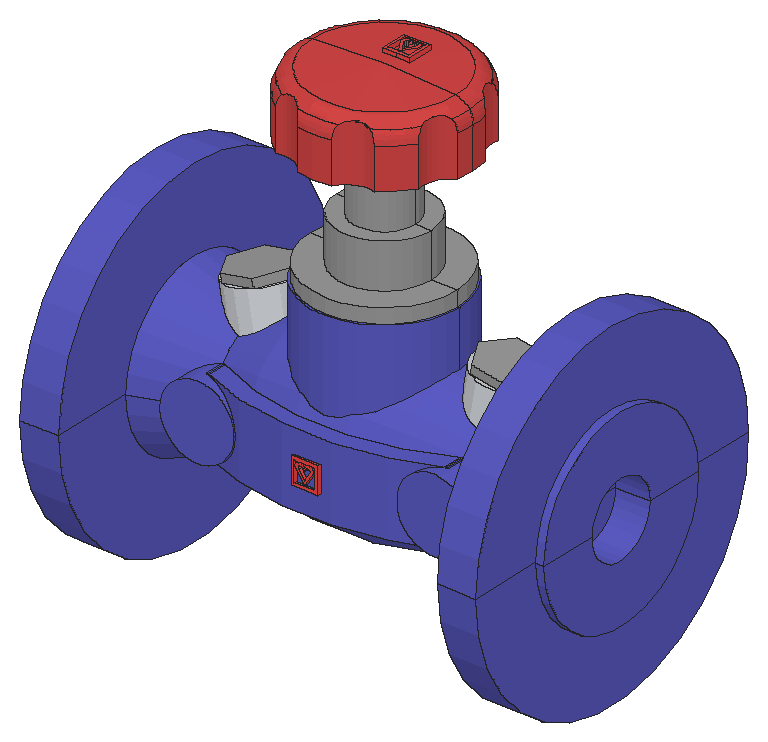
Revit family "Absperrventil 4218 AGF", category Rohrzubehör, Revit 2018
Family settings
  Bemaßung runder Anschluss = Durchmesser verwenden
  Teiletyp = Unterbricht
  Arbeitsebenenbasiert = Nein
  Immer vertikal = Ja
  Beim Laden mit Abzugskörper schneiden = Nein
  Gemeinsam genutzt = Nein
Parameters
  w = 10.00°
  PN = 16  # constant formula
  Max. Betriebstemperatur bis DN 32 = 130 °C  # constant formula
  Max. Betriebstemperatur ab DN 40 = 110 °C  # constant formula
  Max. Betriebsdruck = 1600000.0 Pa  # constant formula
  m2 [instance] = size_lookup("4218_AGF", "m2", 22.00 mm, Nennweite)  # 11.00 mm
  m1 [instance] = 27.59 mm
  d1 [instance] = size_lookup("4218_AGF", "d1", 25.00 mm, Nennweite)  # 25.00 mm
  Ventiloberteil = "Messing"  # constant formula
  Ventilgehäuse = "Grauguss GJL 250 nach EN 1561"  # constant formula
  URL = "www.herz-armaturen.at"
  Schrauben [instance] = if(Nennweite = 15.00 mm, "4x M12x50", if(Nennweite = 20.00 mm, "4x M12x55", if(Nennweite = 25.00 mm, "4x M12x55", if(Nennweite = 32.00 mm, "4x M16x60", if(Nennweite = 40.00 mm, "4x M16x60", if(Nennweite = 50.00 mm, "4x M16x60", if(Nennweite = 65.00 mm, "4x M16x60", if(Nennweite = 80.00 mm, "8x M16x65", if(Nennweite = 100.00 mm, "8x M16x65", if(Nennweite = 125.00 mm, "8x M16x70", if(Nennweite = 150.00 mm, "8x M20x70", if(Nennweite = 200.00 mm, "12x M20x75", if(Nennweite = 250.00 mm, "12x M24x85", if(Nennweite = 300.00 mm, "12x M24x85", if(Nennweite = 350.00 mm, "16x M24x90", "16x M27x100")))))))))))))))  # "4x M12x55"
  SCRNSEQ = "ARM;ARM_TYP=\"ABSV\";2"
  SCRNCODE = "05;11;2"  # constant formula
  R05 [instance] = size_lookup("4218_AGF", "R05", 45.00 mm, Nennweite)  # 45.00 mm
  R04 [instance] = size_lookup("4218_AGF", "R04", 25.50 mm, Nennweite)  # 25.50 mm
  R03 [instance] = size_lookup("4218_AGF", "R03", 30.00 mm, Nennweite)  # 30.00 mm
  R02 [instance] = size_lookup("4218_AGF", "R02", 21.15 mm, Nennweite)  # 21.15 mm
  R01 [instance] = size_lookup("4218_AGF", "R01", 29.50 mm, Nennweite)  # 29.50 mm
  O-Ringe = "EPDM"  # constant formula
  Nennweite [instance] = 25.00 mm
  Medium = "Heizwasserqualität entsprechend ÖNORM H 5195 bzw. VDI Richtlinie 2035. Ethylen und Propylenglykol\r\nkönnen in einem Verhältnis von 25-50 vol. [%] gemischt werden."
  Lk [instance] = size_lookup("4218_AGF", "Lk", 32.50 mm, Nennweite)  # 32.50 mm
  L05 [instance] = 34.164 mm
  L04 [instance] = size_lookup("4218_AGF", "L04", 40.00 mm, Nennweite)  # 40.00 mm
  L03 [instance] = size_lookup("4218_AGF", "L03", 42.00 mm, Nennweite)  # 42.00 mm
  L02 [instance] = size_lookup("4218_AGF", "L02", 3.00 mm, Nennweite)  # 3.00 mm
  L01 [instance] = size_lookup("4218_AGF", "L01", 13.00 mm, Nennweite)  # 13.00 mm
  L [instance] = size_lookup("4218_AGF", "L", 160.00 mm, Nennweite)  # 160.00 mm
  Hinweise zum Material = "Gemäß Art 33 der REACH-Verordnung (EG Nr. 1907/2006) sind wir verpflichtet, darauf hinzuweisen, dass der\r\nStoff Blei auf der SVHC-Liste geführt wird und dass alle aus Messing bestehenden Bauteile, die in unseren\r\nErzeugnissen verarbeitet sind, mehr als 0,1 % (w/w) Blei (CAS: 7439-92-1 / EINECS: 231-100-4) enthalten. Da Blei\r\nals Legierungsbestandteil fest gebunden ist, sind keine Expositionen zu erwarten und daher sind keine zusätzlichen\r\nAngaben zur sicheren Verwendung notwendig.\r\n\r\nGrundanstrich basierent auf Alkydharze (Kunstharzgrundierung) und enthält blei- und chromatfreie Rost- schutzpigmente. Deckbeschichtung mit Epoxidharz. Lösungsmittelgehalt ist geringer als in der VOCAnlagen-Verordnung 2002 zulässig.\r\nGlanzgrad: matt\r\nSchichtstärke trocken (TSD) : ~ 100 μm"
  Hersteller = "HERZ-Armaturen Ges.m.b.H"  # constant formula
  Dfl [instance] = size_lookup("4218_AGF", "Dfl", 57.50 mm, Nennweite)  # 57.50 mm
  DN80 [instance] = Nennweite = 80.00 mm  # no
  DN65-80 [instance] = or(Nennweite = 65.00 mm, Nennweite = 80.00 mm)  # no
  DN65 [instance] = Nennweite = 65.00 mm  # no
  DN50-80 [instance] = or(Nennweite = 50.00 mm, Nennweite = 65.00 mm, Nennweite = 80.00 mm)  # no
  DN50 [instance] = Nennweite = 50.00 mm  # no
  DN40 [instance] = Nennweite = 40.00 mm  # no
  DN32 [instance] = Nennweite = 32.00 mm  # no
  DN32-40 [instance] = or(Nennweite = 32.00 mm, Nennweite = 40.00 mm)  # no
  DN25-40 [instance] = or(Nennweite = 25.00 mm, Nennweite = 32.00 mm, Nennweite = 40.00 mm)  # yes
  DN25 [instance] = Nennweite = 25.00 mm  # yes
  D [instance] = size_lookup("4218_AGF", "D", 12.50 mm, Nennweite)  # 12.50 mm
  Bestellnummer [instance] = size_lookup("4218_AGF", "Artnr", 0, Nennweite)  # 1421853
  B [instance] = size_lookup("4218_AGF", "B", 58.00 mm, Nennweite)  # 58.00 mm
  Anwendungsgebiet = "Zum Absperren von Verteilleitungen in Heiz- oder Kühlanlagen, Strängen, Wärmetauschern, Heiz- und\r\nKühlregistern."
Reference planes
  plane 1 "Mitte (Vorne/hinten)": y = 0
  plane 2: z = 0
  plane 3 "Mitte (Links/rechts)": x = 0
Forms (mm)
  Revolve 1, solid, material "Herz-Marineblau", detail levels fine
    sketch origin (1065, 0, 0) x (1, 0, 0) y (0, 1, 0)
      loop
        line (-1142, 57.5) -> (-1142, 32.5) -> (-1145, 32.5) -> (-1145, 12.5) -> (-1135, 12.5) -> (-1135, 0) -> (-997, 0) -> (-997, 12.5) -> (-985, 12.5) -> (-985, 32.5) -> (-988, 32.5) -> (-988, 57.5) -> (-1001, 57.5) -> (-1001, 29.5) -> (-1024.25, 21.15)
        arc (-1024.25, 21.15) -> (-1065, 30) -> (-1105.75, 21.15) r 98.242
        line (-1105.75, 21.15) -> (-1129, 29.5) -> (-1129, 57.5) -> (-1142, 57.5)
      axis (-985, 0) -> (-1145, 0)
    angle from 0 to 360
  Extrusion 2, solid, material "Herz-Marineblau", visible <- "DN25", detail levels fine
    sketch origin (0, 0, 0) x (1, 0, 0) y (0, 1, 0)
      loop
        arc (-40.75, -24.228) -> (0.085, -32.958) -> (40.917, -24.217) r 99.801
        line (40.917, -24.217) -> (40.917, 24.217)
        arc (40.917, 24.217) -> (0.085, 32.958) -> (-40.75, 24.228) r 99.801
        line (-40.75, 24.228) -> (-40.75, -24.228)
    from -12.5 to 12.5
  Extrusion 3, solid, material "Herz-Marineblau"
    sketch origin (0, 0, 0) x (1, 0, 0) y (0, 0, 1)
      loop
        circle (-40, 0) r 12.5
      loop
        circle (40, 0) r 12.5
    from -29 to 29
  Revolve 4, solid, visible <- "DN25"
    sketch origin (0, 0, 0) x (1, 0, 0) y (0, 0, 1)
      loop
        line (-42.018, 32) -> (-37.406, 5.845) -> (-26.573, 7.755) -> (-31.185, 33.91) -> (-42.018, 32)
      axis (-42.018, 32) -> (-37.406, 5.845)
    angle from 0 to 360
  Revolve 5, solid, visible <- "DN25"
    sketch origin (0, 0, 0) x (-1, 0, 0) y (0, 0, 1)
      loop
        line (-42.018, 32) -> (-37.406, 5.845) -> (-26.573, 7.755) -> (-31.185, 33.91) -> (-42.018, 32)
      axis (-42.018, 32) -> (-37.406, 5.845)
    angle from 0 to 360
  Revolve 6, solid, visible <- "DN32"
    sketch origin (-6, 0, 0) x (1, 0, 0) y (0, 0, 1)
      loop
        line (-42.018, 32) -> (-37.406, 5.845) -> (-26.573, 7.755) -> (-31.185, 33.91) -> (-42.018, 32)
      axis (-42.018, 32) -> (-37.406, 5.845)
    angle from 0 to 360
  Revolve 7, solid, visible <- "DN32"
    sketch origin (6, 0, 0) x (-1, 0, 0) y (0, 0, 1)
      loop
        line (-42.018, 32) -> (-37.406, 5.845) -> (-26.573, 7.755) -> (-31.185, 33.91) -> (-42.018, 32)
      axis (-42.018, 32) -> (-37.406, 5.845)
    angle from 0 to 360
  Revolve 8, solid, visible <- "DN40"
    sketch origin (-10, 0, 6) x (1, 0, 0) y (0, 0, 1)
      loop
        line (-42.018, 32) -> (-37.406, 5.845) -> (-26.573, 7.755) -> (-31.185, 33.91) -> (-42.018, 32)
      axis (-42.018, 32) -> (-37.406, 5.845)
    angle from 0 to 360
  Revolve 9, solid, visible <- "DN40"
    sketch origin (10, 0, 6) x (-1, 0, 0) y (0, 0, 1)
      loop
        line (-42.018, 32) -> (-37.406, 5.845) -> (-26.573, 7.755) -> (-31.185, 33.91) -> (-42.018, 32)
      axis (-42.018, 32) -> (-37.406, 5.845)
    angle from 0 to 360
  Revolve 10, solid, visible <- "DN50"
    sketch origin (-23, 0, 16) x (1, 0, 0) y (0, 0, 1)
      loop
        line (-42.018, 32) -> (-37.406, 5.845) -> (-26.573, 7.755) -> (-31.185, 33.91) -> (-42.018, 32)
      axis (-42.018, 32) -> (-37.406, 5.845)
    angle from 0 to 360
  Revolve 11, solid, visible <- "DN50"
    sketch origin (23, 0, 16) x (-1, 0, 0) y (0, 0, 1)
      loop
        line (-42.018, 32) -> (-37.406, 5.845) -> (-26.573, 7.755) -> (-31.185, 33.91) -> (-42.018, 32)
      axis (-42.018, 32) -> (-37.406, 5.845)
    angle from 0 to 360
  Revolve 12, solid, visible <- "DN65"
    sketch origin (-35, 0, 28) x (1, 0, 0) y (0, 0, 1)
      loop
        line (-42.018, 32) -> (-34.219, -12.231) -> (-18.954, -9.539) -> (-26.753, 34.692) -> (-42.018, 32)
      axis (-42.018, 32) -> (-34.219, -12.231)
    angle from 0 to 360
  Revolve 13, solid, visible <- "DN65"
    sketch origin (35, 0, 28) x (-1, 0, 0) y (0, 0, 1)
      loop
        line (-42.018, 32) -> (-34.219, -12.231) -> (-18.954, -9.539) -> (-26.753, 34.692) -> (-42.018, 32)
      axis (-42.018, 32) -> (-34.219, -12.231)
    angle from 0 to 360
  Revolve 14, solid, visible <- "DN80"
    sketch origin (-43, 0, 33) x (1, 0, 0) y (0, 0, 1)
      loop
        line (-42.018, 32) -> (-34.219, -12.231) -> (-18.954, -9.539) -> (-26.753, 34.692) -> (-42.018, 32)
      axis (-42.018, 32) -> (-34.219, -12.231)
    angle from 0 to 360
  Revolve 15, solid, visible <- "DN80"
    sketch origin (43, 0, 33) x (-1, 0, 0) y (0, 0, 1)
      loop
        line (-42.018, 32) -> (-34.219, -12.231) -> (-18.954, -9.539) -> (-26.753, 34.692) -> (-42.018, 32)
      axis (-42.018, 32) -> (-34.219, -12.231)
    angle from 0 to 360
  Revolve 16, solid, material "Herz-Marineblau"
    sketch origin (0, 0, 0) x (1, 0, 0) y (0, 0, 1)
      loop
        line (-0.018, 0) -> (25.5, 0) -> (25.5, 45) -> (-0.018, 45) -> (-0.018, 0)
      axis (-0.018, 45) -> (-0.018, 0)
    angle from 0 to 360
  Extrusion 17, solid, material "Herz-Marineblau", visible <- "DN32", detail levels fine
    sketch origin (0, 5, 0) x (1, 0, 0) y (0, 1, 0)
      loop
        arc (-50, -30.504) -> (0, -44.033) -> (50, -30.504) r 99.158
        line (50, -30.504) -> (50, 20.504)
        arc (50, 20.504) -> (0, 34.033) -> (-50, 20.504) r 99.158
        line (-50, 20.504) -> (-50, -30.504)
    from -12.5 to 12.5
  Extrusion 18, solid, material "Herz-Marineblau", visible <- "DN40", detail levels fine
    sketch origin (0, 7.139, 0) x (1, 0, 0) y (0, 1, 0)
      loop
        arc (-58.75, -37.243) -> (-0.086, -48.157) -> (58.607, -37.396) r 164.275
        line (58.607, -37.396) -> (58.607, 23.118)
        arc (58.607, 23.118) -> (-0.086, 33.878) -> (-58.75, 22.964) r 164.275
        line (-58.75, 22.964) -> (-58.75, -37.243)
    from -12.5 to 12.5
  Extrusion 19, solid, material "Herz-Marineblau", visible <- "DN50", detail levels fine
    sketch origin (0, 12.139, 0) x (1, 0, 0) y (0, 1, 0)
      loop
        arc (-70, -51.365) -> (-0.006, -58.136) -> (70, -51.487) r 368.507
        line (70, -51.487) -> (70, 27.208)
        arc (70, 27.208) -> (-0.006, 33.857) -> (-70, 27.086) r 368.507
        line (-70, 27.086) -> (-70, -51.365)
    from -12.5 to 12.5
  Extrusion 20, solid, material "Herz-Marineblau", visible <- "DN65", detail levels fine
    sketch origin (0, 17.139, 0) x (1, 0, 0) y (0, 1, 0)
      loop
        line (-89.879, 31.045) -> (-89.879, -65.324)
        arc (-89.879, -65.324) -> (0.112, -71.41) -> (90.111, -65.45) r 675.309
        line (90.111, -65.45) -> (90.111, 31.171)
        arc (90.111, 31.171) -> (0.112, 37.132) -> (-89.879, 31.045) r 675.309
    from -12.5 to 12.5
  Extrusion 21, solid, material "Herz-Marineblau", visible <- "DN80", detail levels fine
    sketch origin (0, 23.908, 0) x (1, 0, 0) y (0, 1, 0)
      loop
        line (-95.924, 29.668) -> (-95.924, -77.484)
        arc (-95.924, -77.484) -> (1.171, -81.507) -> (98.253, -77.179) r 1130.914
        line (98.253, -77.179) -> (98.253, 29.363)
        arc (98.253, 29.363) -> (1.171, 33.69) -> (-95.924, 29.668) r 1130.914
    from -12.5 to 12.5
  Revolve 22, solid, material "Messing, weicher Gelbton, geschweißt", visible <- "DN25"
    sketch origin (0, 0, 0) x (1, 0, 0) y (0, 0, 1)
      loop
        line (-15.927, 65) -> (-15.927, 50) -> (-24.821, 50) -> (-24.821, 45) -> (-0.018, 45) -> (-0.018, 87.982) -> (-7.018, 87.982) -> (-10.561, 84.439) -> (-10.561, 65) -> (-15.927, 65)
      axis (-0.018, 87.982) -> (-0.018, 45)
    angle from 0 to 360
  Revolve 23, solid, material "Messing, weicher Gelbton, geschweißt", visible <- "DN32-40"
    sketch origin (0, 0, 5) x (1, 0, 0) y (0, 0, 1)
      loop
        line (-15.927, 65) -> (-15.927, 50) -> (-24.821, 50) -> (-24.821, 45) -> (-0.018, 45) -> (-0.018, 82.982) -> (-7.018, 82.982) -> (-10.561, 79.439) -> (-10.561, 65) -> (-15.927, 65)
      axis (-0.018, 82.982) -> (-0.018, 45)
    angle from 0 to 360
  Revolve 24, solid, material "Messing, weicher Gelbton, geschweißt", visible <- "DN50"
    sketch origin (0, 0, 0) x (1, 0, 0) y (0, 0, 1)
      loop
        line (-30.605, 80.5) -> (-30.605, 65.5) -> (-39.5, 65.5) -> (-39.5, 60.5) -> (0, 60.5) -> (0, 103) -> (-17.179, 103) -> (-25.239, 94.939) -> (-25.239, 80.5) -> (-30.605, 80.5)
      axis (0, 103) -> (0, 60.5)
    angle from 0 to 360
  Revolve 25, solid, material "Messing, weicher Gelbton, geschweißt", visible <- "DN65-80"
    sketch origin (0, 0, 7.5) x (1, 0, 0) y (0, 0, 1)
      loop
        line (-30.605, 80.5) -> (-30.605, 65.5) -> (-39.5, 65.5) -> (-39.5, 60.5) -> (0, 60.5) -> (0, 95.5) -> (-17.179, 95.5) -> (-25.239, 87.439) -> (-25.239, 80.5) -> (-30.605, 80.5)
      axis (0, 95.5) -> (0, 60.5)
    angle from 0 to 360
  Extrusion 26, solid, material "Messing, weicher Gelbton, geschweißt", visible <- "DN25"
    sketch origin (0.537, 0, 6.073) x (0.984808, 0, 0.173648) y (0, 1, 0)
      loop
        line (-26.573, 0) -> (-31.989, 9.382) -> (-42.822, 9.382) -> (-48.239, 0) -> (-42.822, -9.382) -> (-31.989, -9.382) -> (-26.573, 0)
    from 32.922 to 35.92
  Extrusion 27, solid, material "Messing, weicher Gelbton, geschweißt", visible <- "DN40"
    sketch origin (-9.463, 0, 12.073) x (0.984808, 0, 0.173648) y (0, 1, 0)
      loop
        line (-26.573, 0) -> (-31.989, 9.382) -> (-42.822, 9.382) -> (-48.239, 0) -> (-42.822, -9.382) -> (-31.989, -9.382) -> (-26.573, 0)
    from 32.922 to 35.92
  Extrusion 28, solid, material "Messing, weicher Gelbton, geschweißt", visible <- "DN50"
    sketch origin (-22.463, 0, 22.073) x (0.984808, 0, 0.173648) y (0, 1, 0)
      loop
        line (-26.573, 0) -> (-31.989, 9.382) -> (-42.822, 9.382) -> (-48.239, 0) -> (-42.822, -9.382) -> (-31.989, -9.382) -> (-26.573, 0)
    from 32.922 to 35.92
  Extrusion 29, solid, material "Messing, weicher Gelbton, geschweißt", visible <- "DN80"
    sketch origin (-40.926, 0, 36.434) x (0.984808, 0, 0.173648) y (0, 1, 0)
      loop
        line (-24.656, 0) -> (-31.558, 11.956) -> (-45.364, 11.956) -> (-52.266, 0) -> (-45.364, -11.956) -> (-31.558, -11.956) -> (-24.656, 0)
    from 35.788 to 38.79
  Extrusion 30, solid, material "Messing, weicher Gelbton, geschweißt", visible <- "DN32"
    sketch origin (-5.463, 0, 6.073) x (0.984808, 0, 0.173648) y (0, 1, 0)
      loop
        line (-26.573, 0) -> (-31.989, 9.382) -> (-42.822, 9.382) -> (-48.239, 0) -> (-42.822, -9.382) -> (-31.989, -9.382) -> (-26.573, 0)
    from 32.922 to 35.92
  Extrusion 31, solid, material "Messing, weicher Gelbton, geschweißt", visible <- "DN25"
    sketch origin (-0.537, 0, 6.073) x (-0.984808, 0, 0.173648) y (0, -1, 0)
      loop
        line (-26.573, 0) -> (-31.989, 9.382) -> (-42.822, 9.382) -> (-48.239, 0) -> (-42.822, -9.382) -> (-31.989, -9.382) -> (-26.573, 0)
    from 32.922 to 35.92
  Extrusion 32, solid, material "Messing, weicher Gelbton, geschweißt", visible <- "DN40"
    sketch origin (9.463, 0, 12.073) x (-0.984808, 0, 0.173648) y (0, -1, 0)
      loop
        line (-26.573, 0) -> (-31.989, 9.382) -> (-42.822, 9.382) -> (-48.239, 0) -> (-42.822, -9.382) -> (-31.989, -9.382) -> (-26.573, 0)
    from 32.922 to 35.92
  Extrusion 33, solid, material "Messing, weicher Gelbton, geschweißt", visible <- "DN50"
    sketch origin (22.463, 0, 22.073) x (-0.984808, 0, 0.173648) y (0, -1, 0)
      loop
        line (-26.573, 0) -> (-31.989, 9.382) -> (-42.822, 9.382) -> (-48.239, 0) -> (-42.822, -9.382) -> (-31.989, -9.382) -> (-26.573, 0)
    from 32.922 to 35.92
  Extrusion 34, solid, material "Messing, weicher Gelbton, geschweißt", visible <- "DN32"
    sketch origin (5.463, 0, 6.073) x (-0.984808, 0, 0.173648) y (0, -1, 0)
      loop
        line (-26.573, 0) -> (-31.989, 9.382) -> (-42.822, 9.382) -> (-48.239, 0) -> (-42.822, -9.382) -> (-31.989, -9.382) -> (-26.573, 0)
    from 32.922 to 35.92
  Extrusion 35, solid, material "Messing, weicher Gelbton, geschweißt", visible <- "DN65"
    sketch origin (-32.926, 0, 31.434) x (0.984808, 0, 0.173648) y (0, 1, 0)
      loop
        line (-24.656, 0) -> (-31.558, 11.956) -> (-45.364, 11.956) -> (-52.266, 0) -> (-45.364, -11.956) -> (-31.558, -11.956) -> (-24.656, 0)
    from 35.788 to 38.79
  Extrusion 36, solid, material "Messing, weicher Gelbton, geschweißt", visible <- "DN80"
    sketch origin (40.926, 0, 36.434) x (-0.984808, 0, 0.173648) y (0, -1, 0)
      loop
        line (-24.656, 0) -> (-31.558, 11.956) -> (-45.364, 11.956) -> (-52.266, 0) -> (-45.364, -11.956) -> (-31.558, -11.956) -> (-24.656, 0)
    from 35.788 to 38.79
  Extrusion 37, solid, material "Messing, weicher Gelbton, geschweißt", visible <- "DN65"
    sketch origin (32.926, 0, 31.434) x (-0.984808, 0, 0.173648) y (0, -1, 0)
      loop
        line (-24.656, 0) -> (-31.558, 11.956) -> (-45.364, 11.956) -> (-52.266, 0) -> (-45.364, -11.956) -> (-31.558, -11.956) -> (-24.656, 0)
    from 35.788 to 38.79
Lines and regions (mm)
  model lines
    curve 1: line (-42.018, 0, 0) -> (-42.018, 0, 32)
    curve 2: line (-0.018, 0, 0) -> (-48.018, 0, 0)
    curve 3: line (-48.018, 0, 0) -> (-48.018, 0, 32)
    curve 4: line (-0.018, 0, 0) -> (-52.018, 0, 0)
    curve 5: line (-52.018, 0, 0) -> (-52.018, 0, 38)
    curve 6: line (-0.018, 0, 0) -> (-65.018, 0, 0)
    curve 7: line (-65.018, 0, 0) -> (-65.018, 0, 48)
    curve 8: line (-0.018, 0, 0) -> (-77.018, 0, 0)
    curve 9: line (-77.018, 0, 0) -> (-77.018, 0, 60)
    curve 10: line (-0.018, 0, 0) -> (-85.018, 0, 0)
    curve 11: line (-100.282, 0, 0) -> (-69.753, 0, 0)
    curve 12: line (-92.474, 0, 0) -> (-61.753, 0, 0)
Dimensions and locks
  "Dfl": plane 1 "Mitte (Vorne/hinten)" to Revolve 1 sketch curve
  "Lk": plane 1 "Mitte (Vorne/hinten)" to Revolve 1 sketch curve
  "D": plane 1 "Mitte (Vorne/hinten)" to Revolve 1 sketch curve
  "L": Revolve 1 sketch curve to Revolve 1 sketch curve
  "L01": Revolve 1 sketch curve to Revolve 1 sketch curve  (x2)
  "L02": Revolve 1 sketch curve to Revolve 1 sketch curve  (x2)
  equal spacing: Revolve 1 sketch curve, plane 3 "Mitte (Links/rechts)", Revolve 1 sketch curve  (x2)
  "L04": plane 3 "Mitte (Links/rechts)" to Extrusion 3 sketch curve
  "L04": Extrusion 3 sketch curve to plane 3 "Mitte (Links/rechts)"
  "B": Extrusion 3 to Extrusion 3
  equal spacing: Extrusion 3, plane 1 "Mitte (Vorne/hinten)", Extrusion 3
  "D": Revolve 1 sketch curve to plane 1 "Mitte (Vorne/hinten)"
  "Lk": Revolve 1 sketch curve to plane 1 "Mitte (Vorne/hinten)"
  "Dfl": Revolve 1 sketch curve to plane 1 "Mitte (Vorne/hinten)"
  "R02": plane 1 "Mitte (Vorne/hinten)" to Revolve 1 sketch curve  (x2)
  "R01": plane 1 "Mitte (Vorne/hinten)" to Revolve 1 sketch curve  (x2)
  "R03": plane 1 "Mitte (Vorne/hinten)" to Revolve 1 sketch curve
  Revolve 4 sketch curve to Revolve 4 sketch curve = 11.00 mm
  Revolve 4 sketch curve to Revolve 4 sketch curve = 26.559 mm
  Revolve 5 sketch curve to Revolve 5 sketch curve = 11.00 mm
  Revolve 5 sketch curve to Revolve 5 sketch curve = 26.559 mm
  Revolve 6 sketch curve to Revolve 6 sketch curve = 11.00 mm
  Revolve 6 sketch curve to Revolve 6 sketch curve = 26.559 mm
  Revolve 7 sketch curve to Revolve 7 sketch curve = 11.00 mm
  Revolve 7 sketch curve to Revolve 7 sketch curve = 26.559 mm
  Revolve 8 sketch curve to Revolve 8 sketch curve = 11.00 mm
  Revolve 8 sketch curve to Revolve 8 sketch curve = 26.559 mm
  Revolve 9 sketch curve to Revolve 9 sketch curve = 11.00 mm
  Revolve 9 sketch curve to Revolve 9 sketch curve = 26.559 mm
  Revolve 10 sketch curve to Revolve 10 sketch curve = 11.00 mm
  Revolve 10 sketch curve to Revolve 10 sketch curve = 26.559 mm
  Revolve 11 sketch curve to Revolve 11 sketch curve = 11.00 mm
  Revolve 11 sketch curve to Revolve 11 sketch curve = 26.559 mm
  Revolve 12 sketch curve to Revolve 12 sketch curve = 15.50 mm
  Revolve 12 sketch curve to Revolve 12 sketch curve = 44.913 mm
  Revolve 13 sketch curve to Revolve 13 sketch curve = 15.50 mm
  Revolve 13 sketch curve to Revolve 13 sketch curve = 44.913 mm
  Revolve 14 sketch curve to Revolve 14 sketch curve = 15.50 mm
  Revolve 14 sketch curve to Revolve 14 sketch curve = 44.913 mm
  Revolve 15 sketch curve to Revolve 15 sketch curve = 15.50 mm
  Revolve 15 sketch curve to Revolve 15 sketch curve = 44.913 mm
  "R05": Revolve 16 sketch curve to plane 2
  "R04": plane 3 "Mitte (Links/rechts)" to Revolve 16 sketch curve
  nested 5 to plane 2 = 88.00 mm
  nested 7 to plane 2 = 103.00 mm
  "d1": diameter of Extrusion 3 sketch curve  (x2)
  aligned and locked: level to plane 2
Automatic sketch dimensions
  curve 10 to level = 0.00 mm
  curve 8 to level = 0.00 mm
  curve 5 to level = 0.00 mm
  curve 10 to plane 3 "Mitte (Links/rechts)" = 85.018 mm
  curve 10 to curve 8 = 8.00 mm
  curve 8 to curve 7 = 12.00 mm
  curve 6 to curve 5 = 13.00 mm
  curve 4 to curve 2 = 4.00 mm
  curve 4 to plane 3 "Mitte (Links/rechts)" = 0.018 mm
  curve 6 to curve 2 = 0.00 mm
  curve 3 to curve 1 = 6.00 mm
  curve 10 to curve 2 = 0.00 mm
  level to curve 3 = 32.00 mm
  curve 1 to curve 3 = 0.00 mm
  curve 3 to curve 5 = 6.00 mm
  curve 5 to curve 7 = 10.00 mm
  curve 7 to curve 9 = 12.00 mm
  plane 1 "Mitte (Vorne/hinten)" to curve 11 = 0.00 mm
  plane 1 "Mitte (Vorne/hinten)" to curve 12 = 0.00 mm
  curve 11 to plane 3 "Mitte (Links/rechts)" = 100.282 mm
  curve 11 to curve 12 = 7.808 mm
  curve 12 to curve 11 = 22.721 mm
  curve 11 to curve 12 = 8.00 mm
  Extrusion 2 sketch curve to plane 3 "Mitte (Links/rechts)" = 40.75 mm
  plane 3 "Mitte (Links/rechts)" to Extrusion 2 sketch curve = 0.071 mm  (x2)
  plane 1 "Mitte (Vorne/hinten)" to Extrusion 2 sketch curve = 24.217 mm
  plane 3 "Mitte (Links/rechts)" to Extrusion 2 sketch curve = 40.917 mm
  plane 1 "Mitte (Vorne/hinten)" to Extrusion 2 sketch curve = 24.228 mm
  Extrusion 2 sketch curve to Extrusion 2 sketch curve = 42.614 mm
  Extrusion 2 sketch curve to plane 1 "Mitte (Vorne/hinten)" = 24.217 mm
  Revolve 4 sketch curve to plane 3 "Mitte (Links/rechts)" = 42.018 mm
  level to Revolve 4 sketch curve = 5.845 mm  (x2)
  Revolve 4 sketch curve to Revolve 4 sketch curve = 4.612 mm
  Revolve 4 sketch curve to Revolve 4 sketch curve = 10.833 mm
  level to Revolve 4 sketch curve = 32.00 mm
  Revolve 5 sketch curve to plane 3 "Mitte (Links/rechts)" = 42.018 mm
  Revolve 5 sketch curve to level = 5.845 mm  (x2)
  Revolve 5 sketch curve to Revolve 5 sketch curve = 4.612 mm
  Revolve 5 sketch curve to Revolve 5 sketch curve = 10.833 mm
  Revolve 5 sketch curve to level = 32.00 mm
  Revolve 6 sketch curve to plane 3 "Mitte (Links/rechts)" = 48.018 mm
  level to Revolve 6 sketch curve = 5.845 mm  (x2)
  Revolve 6 sketch curve to Revolve 6 sketch curve = 4.612 mm
  level to Revolve 6 sketch curve = 33.91 mm
  level to Revolve 6 sketch curve = 32.00 mm
  Revolve 7 sketch curve to plane 3 "Mitte (Links/rechts)" = 48.018 mm
  Revolve 7 sketch curve to level = 5.845 mm  (x2)
  Revolve 7 sketch curve to Revolve 7 sketch curve = 4.612 mm
  Revolve 7 sketch curve to level = 33.91 mm
  Revolve 7 sketch curve to level = 32.00 mm
  Revolve 8 sketch curve to plane 3 "Mitte (Links/rechts)" = 52.018 mm
  level to Revolve 8 sketch curve = 11.845 mm  (x2)
  Revolve 8 sketch curve to Revolve 8 sketch curve = 4.612 mm
  level to Revolve 8 sketch curve = 39.91 mm
  level to Revolve 8 sketch curve = 38.00 mm
  Revolve 9 sketch curve to plane 3 "Mitte (Links/rechts)" = 52.018 mm
  Revolve 9 sketch curve to level = 11.845 mm  (x2)
  Revolve 9 sketch curve to Revolve 9 sketch curve = 4.612 mm
  Revolve 9 sketch curve to level = 39.91 mm
  Revolve 9 sketch curve to level = 38.00 mm
  Revolve 10 sketch curve to plane 3 "Mitte (Links/rechts)" = 65.018 mm
  level to Revolve 10 sketch curve = 21.845 mm  (x2)
  Revolve 10 sketch curve to Revolve 10 sketch curve = 4.612 mm
  level to Revolve 10 sketch curve = 49.91 mm
  level to Revolve 10 sketch curve = 48.00 mm
  Revolve 11 sketch curve to plane 3 "Mitte (Links/rechts)" = 65.018 mm
  Revolve 11 sketch curve to level = 21.845 mm  (x2)
  Revolve 11 sketch curve to Revolve 11 sketch curve = 4.612 mm
  Revolve 11 sketch curve to level = 49.91 mm
  Revolve 11 sketch curve to level = 48.00 mm
  Revolve 12 sketch curve to plane 3 "Mitte (Links/rechts)" = 77.018 mm
  level to Revolve 12 sketch curve = 15.769 mm
  Revolve 12 sketch curve to Revolve 12 sketch curve = 7.799 mm
  Revolve 12 sketch curve to Revolve 12 sketch curve = 15.265 mm
  level to Revolve 12 sketch curve = 60.00 mm
  level to Revolve 12 sketch curve = 33.845 mm
  Revolve 13 sketch curve to plane 3 "Mitte (Links/rechts)" = 77.018 mm
  Revolve 13 sketch curve to level = 15.769 mm
  Revolve 13 sketch curve to Revolve 13 sketch curve = 7.799 mm
  Revolve 13 sketch curve to Revolve 13 sketch curve = 15.265 mm
  Revolve 13 sketch curve to level = 60.00 mm
  Revolve 13 sketch curve to level = 33.845 mm
  Revolve 14 sketch curve to plane 3 "Mitte (Links/rechts)" = 85.018 mm
  level to Revolve 14 sketch curve = 20.769 mm
  Revolve 14 sketch curve to Revolve 14 sketch curve = 7.799 mm
  level to Revolve 14 sketch curve = 67.692 mm
  level to Revolve 14 sketch curve = 65.00 mm
  level to Revolve 14 sketch curve = 38.845 mm
  Revolve 15 sketch curve to plane 3 "Mitte (Links/rechts)" = 85.018 mm
  Revolve 15 sketch curve to level = 20.769 mm
  Revolve 15 sketch curve to Revolve 15 sketch curve = 7.799 mm
  Revolve 15 sketch curve to level = 67.692 mm
  Revolve 15 sketch curve to level = 65.00 mm
  Revolve 15 sketch curve to level = 38.845 mm
  Extrusion 17 sketch curve to plane 3 "Mitte (Links/rechts)" = 0.00 mm  (x2)
  Extrusion 17 sketch curve to plane 1 "Mitte (Vorne/hinten)" = 25.504 mm
  Extrusion 17 sketch curve to plane 3 "Mitte (Links/rechts)" = 50.00 mm
  plane 1 "Mitte (Vorne/hinten)" to Extrusion 17 sketch curve = 25.504 mm
  plane 3 "Mitte (Links/rechts)" to Extrusion 17 sketch curve = 50.00 mm
  plane 1 "Mitte (Vorne/hinten)" to Extrusion 17 sketch curve = 60.125 mm
  Extrusion 17 sketch curve to plane 1 "Mitte (Vorne/hinten)" = 60.125 mm
  Extrusion 18 sketch curve to plane 3 "Mitte (Links/rechts)" = 58.75 mm
  plane 3 "Mitte (Links/rechts)" to Extrusion 18 sketch curve = 0.129 mm  (x2)
  plane 1 "Mitte (Vorne/hinten)" to Extrusion 18 sketch curve = 30.257 mm
  plane 3 "Mitte (Links/rechts)" to Extrusion 18 sketch curve = 58.607 mm
  Extrusion 18 sketch curve to Extrusion 18 sketch curve = 93.00 mm
  plane 1 "Mitte (Vorne/hinten)" to Extrusion 18 sketch curve = 30.103 mm
  Extrusion 18 sketch curve to plane 1 "Mitte (Vorne/hinten)" = 30.103 mm
  Extrusion 19 sketch curve to plane 3 "Mitte (Links/rechts)" = 70.00 mm
  plane 3 "Mitte (Links/rechts)" to Extrusion 19 sketch curve = 0.315 mm  (x2)
  plane 1 "Mitte (Vorne/hinten)" to Extrusion 19 sketch curve = 39.348 mm
  plane 3 "Mitte (Links/rechts)" to Extrusion 19 sketch curve = 70.00 mm
  Extrusion 19 sketch curve to Extrusion 19 sketch curve = 283.163 mm
  plane 1 "Mitte (Vorne/hinten)" to Extrusion 19 sketch curve = 39.226 mm
  Extrusion 19 sketch curve to plane 1 "Mitte (Vorne/hinten)" = 39.226 mm
  Extrusion 20 sketch curve to plane 3 "Mitte (Links/rechts)" = 89.879 mm
  plane 3 "Mitte (Links/rechts)" to Extrusion 20 sketch curve = 0.585 mm  (x2)
  plane 3 "Mitte (Links/rechts)" to Extrusion 20 sketch curve = 90.111 mm
  plane 1 "Mitte (Vorne/hinten)" to Extrusion 20 sketch curve = 621.038 mm
  plane 1 "Mitte (Vorne/hinten)" to Extrusion 20 sketch curve = 48.311 mm
  plane 1 "Mitte (Vorne/hinten)" to Extrusion 20 sketch curve = 48.185 mm
  Extrusion 20 sketch curve to plane 1 "Mitte (Vorne/hinten)" = 48.185 mm
  Extrusion 21 sketch curve to plane 3 "Mitte (Links/rechts)" = 95.924 mm
  Extrusion 21 sketch curve to plane 3 "Mitte (Links/rechts)" = 0.606 mm  (x2)
  plane 1 "Mitte (Vorne/hinten)" to Extrusion 21 sketch curve = 53.271 mm
  plane 3 "Mitte (Links/rechts)" to Extrusion 21 sketch curve = 98.253 mm
  plane 1 "Mitte (Vorne/hinten)" to Extrusion 21 sketch curve = 53.576 mm
  Extrusion 21 sketch curve to Extrusion 21 sketch curve = 1019.737 mm
  Extrusion 21 sketch curve to plane 1 "Mitte (Vorne/hinten)" = 53.271 mm
  Revolve 22 sketch curve to plane 3 "Mitte (Links/rechts)" = 24.821 mm
  Revolve 22 sketch curve to Revolve 22 sketch curve = 8.895 mm
  Revolve 22 sketch curve to Revolve 22 sketch curve = 5.366 mm
  Revolve 22 sketch curve to Revolve 22 sketch curve = 3.543 mm  (x2)
  Revolve 22 sketch curve to plane 3 "Mitte (Links/rechts)" = 0.018 mm
  level to Revolve 22 sketch curve = 45.00 mm
  Revolve 22 sketch curve to Revolve 22 sketch curve = 5.00 mm
  Revolve 22 sketch curve to Revolve 22 sketch curve = 15.00 mm
  Revolve 22 sketch curve to Revolve 22 sketch curve = 19.439 mm
  Revolve 22 sketch curve to Revolve 22 sketch curve = 0.00 mm  (x3)
  Revolve 23 sketch curve to plane 3 "Mitte (Links/rechts)" = 24.821 mm
  Revolve 23 sketch curve to Revolve 23 sketch curve = 8.895 mm
  Revolve 23 sketch curve to Revolve 23 sketch curve = 5.366 mm
  Revolve 23 sketch curve to Revolve 23 sketch curve = 3.543 mm  (x2)
  Revolve 23 sketch curve to plane 3 "Mitte (Links/rechts)" = 0.018 mm
  level to Revolve 23 sketch curve = 50.00 mm
  Revolve 23 sketch curve to Revolve 23 sketch curve = 5.00 mm  (x2)
  Revolve 23 sketch curve to Revolve 23 sketch curve = 15.00 mm
  Revolve 23 sketch curve to Revolve 23 sketch curve = 14.439 mm
  Revolve 23 sketch curve to Revolve 23 sketch curve = 0.00 mm  (x2)
  Revolve 24 sketch curve to plane 3 "Mitte (Links/rechts)" = 0.00 mm  (x2)
  Revolve 24 sketch curve to plane 3 "Mitte (Links/rechts)" = 17.179 mm
  Revolve 24 sketch curve to Revolve 24 sketch curve = 8.061 mm  (x2)
  Revolve 24 sketch curve to Revolve 24 sketch curve = 5.366 mm
  Revolve 24 sketch curve to Revolve 24 sketch curve = 8.895 mm
  level to Revolve 24 sketch curve = 60.50 mm
  Revolve 24 sketch curve to Revolve 24 sketch curve = 5.00 mm
  Revolve 24 sketch curve to Revolve 24 sketch curve = 15.00 mm
  Revolve 24 sketch curve to Revolve 24 sketch curve = 14.439 mm
  Revolve 24 sketch curve to Revolve 24 sketch curve = 0.00 mm  (x2)
  Revolve 25 sketch curve to plane 3 "Mitte (Links/rechts)" = 0.00 mm  (x2)
  Revolve 25 sketch curve to plane 3 "Mitte (Links/rechts)" = 17.179 mm
  Revolve 25 sketch curve to Revolve 25 sketch curve = 8.061 mm  (x2)
  Revolve 25 sketch curve to Revolve 25 sketch curve = 5.366 mm
  Revolve 25 sketch curve to Revolve 25 sketch curve = 8.895 mm
  level to Revolve 25 sketch curve = 68.00 mm
  Revolve 25 sketch curve to Revolve 25 sketch curve = 5.00 mm
  Revolve 25 sketch curve to Revolve 25 sketch curve = 15.00 mm
  Revolve 25 sketch curve to Revolve 25 sketch curve = 6.939 mm
  Revolve 25 sketch curve to Revolve 25 sketch curve = 0.00 mm
  Revolve 25 sketch curve to Revolve 25 sketch curve = 7.50 mm
  plane 1 "Mitte (Vorne/hinten)" to Extrusion 26 sketch curve = 0.00 mm  (x2)
  Extrusion 26 sketch curve to Extrusion 26 sketch curve = 5.416 mm  (x3)
  plane 1 "Mitte (Vorne/hinten)" to Extrusion 26 sketch curve = 9.382 mm
  Extrusion 26 sketch curve to Extrusion 26 sketch curve = 10.833 mm  (x2)
  Extrusion 26 sketch curve to plane 1 "Mitte (Vorne/hinten)" = 9.382 mm
  plane 1 "Mitte (Vorne/hinten)" to Extrusion 27 sketch curve = 0.00 mm  (x2)
  Extrusion 27 sketch curve to Extrusion 27 sketch curve = 5.416 mm  (x3)
  plane 1 "Mitte (Vorne/hinten)" to Extrusion 27 sketch curve = 9.382 mm
  Extrusion 27 sketch curve to Extrusion 27 sketch curve = 10.833 mm  (x2)
  Extrusion 27 sketch curve to plane 1 "Mitte (Vorne/hinten)" = 9.382 mm
  plane 1 "Mitte (Vorne/hinten)" to Extrusion 28 sketch curve = 0.00 mm  (x2)
  Extrusion 28 sketch curve to Extrusion 28 sketch curve = 5.416 mm  (x3)
  plane 1 "Mitte (Vorne/hinten)" to Extrusion 28 sketch curve = 9.382 mm
  Extrusion 28 sketch curve to Extrusion 28 sketch curve = 10.833 mm  (x2)
  Extrusion 28 sketch curve to plane 1 "Mitte (Vorne/hinten)" = 9.382 mm
  plane 1 "Mitte (Vorne/hinten)" to Extrusion 29 sketch curve = 0.00 mm  (x2)
  Extrusion 29 sketch curve to Extrusion 29 sketch curve = 6.903 mm  (x3)
  plane 1 "Mitte (Vorne/hinten)" to Extrusion 29 sketch curve = 11.956 mm
  Extrusion 29 sketch curve to Extrusion 29 sketch curve = 13.805 mm  (x2)
  Extrusion 29 sketch curve to plane 1 "Mitte (Vorne/hinten)" = 11.956 mm
  plane 1 "Mitte (Vorne/hinten)" to Extrusion 30 sketch curve = 0.00 mm  (x2)
  Extrusion 30 sketch curve to Extrusion 30 sketch curve = 5.416 mm  (x3)
  plane 1 "Mitte (Vorne/hinten)" to Extrusion 30 sketch curve = 9.382 mm
  Extrusion 30 sketch curve to Extrusion 30 sketch curve = 10.833 mm  (x2)
  Extrusion 30 sketch curve to plane 1 "Mitte (Vorne/hinten)" = 9.382 mm
  plane 1 "Mitte (Vorne/hinten)" to Extrusion 31 sketch curve = 0.00 mm  (x2)
  Extrusion 31 sketch curve to Extrusion 31 sketch curve = 5.416 mm  (x3)
  plane 1 "Mitte (Vorne/hinten)" to Extrusion 31 sketch curve = 9.382 mm
  Extrusion 31 sketch curve to Extrusion 31 sketch curve = 10.833 mm  (x2)
  Extrusion 31 sketch curve to plane 1 "Mitte (Vorne/hinten)" = 9.382 mm
  plane 1 "Mitte (Vorne/hinten)" to Extrusion 32 sketch curve = 0.00 mm  (x2)
  Extrusion 32 sketch curve to Extrusion 32 sketch curve = 5.416 mm  (x3)
  plane 1 "Mitte (Vorne/hinten)" to Extrusion 32 sketch curve = 9.382 mm
  Extrusion 32 sketch curve to Extrusion 32 sketch curve = 10.833 mm  (x2)
  Extrusion 32 sketch curve to plane 1 "Mitte (Vorne/hinten)" = 9.382 mm
  plane 1 "Mitte (Vorne/hinten)" to Extrusion 33 sketch curve = 0.00 mm  (x2)
  Extrusion 33 sketch curve to Extrusion 33 sketch curve = 5.416 mm  (x3)
  plane 1 "Mitte (Vorne/hinten)" to Extrusion 33 sketch curve = 9.382 mm
  Extrusion 33 sketch curve to Extrusion 33 sketch curve = 10.833 mm  (x2)
  Extrusion 33 sketch curve to plane 1 "Mitte (Vorne/hinten)" = 9.382 mm
  plane 1 "Mitte (Vorne/hinten)" to Extrusion 34 sketch curve = 0.00 mm  (x2)
  Extrusion 34 sketch curve to Extrusion 34 sketch curve = 5.416 mm  (x3)
  plane 1 "Mitte (Vorne/hinten)" to Extrusion 34 sketch curve = 9.382 mm
  Extrusion 34 sketch curve to Extrusion 34 sketch curve = 10.833 mm  (x2)
  Extrusion 34 sketch curve to plane 1 "Mitte (Vorne/hinten)" = 9.382 mm
  plane 1 "Mitte (Vorne/hinten)" to Extrusion 35 sketch curve = 0.00 mm  (x2)
  Extrusion 35 sketch curve to Extrusion 35 sketch curve = 6.903 mm  (x3)
  plane 1 "Mitte (Vorne/hinten)" to Extrusion 35 sketch curve = 11.956 mm
  Extrusion 35 sketch curve to Extrusion 35 sketch curve = 13.805 mm  (x2)
  Extrusion 35 sketch curve to plane 1 "Mitte (Vorne/hinten)" = 11.956 mm
  plane 1 "Mitte (Vorne/hinten)" to Extrusion 36 sketch curve = 0.00 mm  (x2)
  Extrusion 36 sketch curve to Extrusion 36 sketch curve = 6.903 mm  (x3)
  plane 1 "Mitte (Vorne/hinten)" to Extrusion 36 sketch curve = 11.956 mm
  Extrusion 36 sketch curve to Extrusion 36 sketch curve = 13.805 mm  (x2)
  Extrusion 36 sketch curve to plane 1 "Mitte (Vorne/hinten)" = 11.956 mm
  plane 1 "Mitte (Vorne/hinten)" to Extrusion 37 sketch curve = 0.00 mm  (x2)
  Extrusion 37 sketch curve to Extrusion 37 sketch curve = 6.903 mm  (x3)
  plane 1 "Mitte (Vorne/hinten)" to Extrusion 37 sketch curve = 11.956 mm
  Extrusion 37 sketch curve to Extrusion 37 sketch curve = 13.805 mm  (x2)
  Extrusion 37 sketch curve to plane 1 "Mitte (Vorne/hinten)" = 11.956 mm
  Revolve 1 sketch curve to plane 1 "Mitte (Vorne/hinten)" = 0.00 mm
  plane 1 "Mitte (Vorne/hinten)" to Revolve 1 sketch curve = 0.00 mm
  Revolve 1 sketch curve to Revolve 1 sketch curve = 10.00 mm
  Revolve 1 sketch curve to Revolve 1 sketch curve = 23.25 mm
  Revolve 1 sketch curve to Revolve 1 sketch curve = 12.00 mm
  Revolve 1 sketch curve to Revolve 1 sketch curve = 1920.00 mm  (x2)
  Extrusion 3 sketch curve to level = 0.00 mm  (x2)
  Revolve 16 sketch curve to level = 0.00 mm  (x2)
  Revolve 16 sketch curve to plane 3 "Mitte (Links/rechts)" = 0.018 mm
  Revolve 16 sketch curve to Revolve 16 sketch curve = 0.00 mm  (x2)
Nested families
  nested 1: "Herz-Logo-vorne" at (-0.018, -32.861, 0) x (0, 1, 0) z (0, 0, 1), visible <- "DN25", type "Herz-Logo-vorne", detail levels fine
  nested 2: "Herz-Logo-vorne" at (-0.018, -38.932, 0) x (0, 1, 0) z (0, 0, 1), visible <- "DN32", type "Herz-Logo-vorne", detail levels fine
  nested 3: "Herz-Logo-vorne" at (-0.018, -40.835, 0) x (0, 1, 0) z (0, 0, 1), visible <- "DN40", type "Herz-Logo-vorne", detail levels fine
  nested 4: "Herz-Logo-vorne" at (-0.018, -57.6, 0) x (0, 1, 0) z (0, 0, 1), visible <- "DN80", type "Herz-Logo-vorne", detail levels fine
  nested 5: "Strömax-Handrad" at (0, 0, 88), visible <- "DN25-40", type "Strömax-Handrad"
    with Nennweite 0.00 mm, Gewicht 0.00 kg, Bestellnummer 0
  nested 6: "Herz-Logo" at (0, 9.517, 109.445), visible <- "DN25-40", type "Herz-Logo"
  nested 7: "Strömax-Handrad-DN50-80" at (0, 0, 103), visible <- "DN50-80", type "Strömax-Handrad-DN50-80"
    with Nennweite 0.00 mm, Gewicht 0.00 kg, Bestellnummer 0
  nested 8: "Herz-Logo-vorne" at (0, -46.065, 0) x (0, 1, 0) z (0, 0, 1), visible <- "DN50", type "Herz-Logo-vorne", detail levels fine
  nested 9: "Herz-Logo-vorne" at (-0.018, -54.253, 0) x (0, 1, 0) z (0, 0, 1), visible <- "DN65", type "Herz-Logo-vorne", detail levels fine
Connectors
  piping at (-80, 0, 0), diameter 25, driven by "Nennweite"
    settings: on Revolve 1, index 1, connector inside diameter 609.6 mm, connector length 0.00 mm, flow factor 0, pipe flow 0.0 L/s, pressure drop 0.0 Pa, fitting loss kfactor 0, connector angle 0.00°, fixture units 0, engagement length 0.00 mm, angle of deflection 0.00°, flow configuration 0, flow direction 1, fitting loss method 0, system type 29, joint type 0, gender type 0, connector reference index -1, connector utility 0, adjustable connector no, is connector primary yes, connector description ""
  piping at (80, 0, 0), diameter 25, driven by "Nennweite"
    settings: on Revolve 1, index 2, connector inside diameter 609.6 mm, connector length 0.00 mm, flow factor 0, pipe flow 0.0 L/s, pressure drop 0.0 Pa, fitting loss kfactor 0, connector angle 0.00°, fixture units 0, engagement length 0.00 mm, angle of deflection 0.00°, flow configuration 0, flow direction 2, fitting loss method 0, system type 29, joint type 0, gender type 0, connector reference index -1, connector utility 0, adjustable connector no, is connector primary no, connector description ""
Definition of nested family "Herz-Logo-vorne"
  Reference planes
    plane 1 "Mitte (Vorne/hinten)": y = 0
    plane 2: z = 0
    plane 3 "Mitte (Links/rechts)": x = 0
  Forms (mm)
    Extrusion 1, solid
      sketch origin (0.732, -0.018, 0.017) x (0, -1, 0) y (0, 0, 1)
        loop
          line (-0.018, -4.517) -> (4.482, -4.517) -> (4.482, 4.483) -> (-4.518, 4.483) -> (-4.518, -4.517) -> (-0.018, -4.517)
        loop
          line (-0.05, -3.48) -> (3.482, -3.48) -> (3.482, 3.483) -> (-3.518, 3.483) -> (-3.518, -3.48) -> (-0.05, -3.48)
        loop
          arc (-0.018, 2.383) -> (-1.543, 3.287) -> (-3.067, 2.383) r 1.738
          arc (-3.067, 2.383) -> (-3.191, 1.899) -> (-3.067, 1.415) r 1.009
          line (-3.067, 1.415) -> (-0.018, -3.281) -> (3.032, 1.415)
          arc (3.032, 1.415) -> (3.156, 1.899) -> (3.032, 2.383) r 1.009
          arc (3.032, 2.383) -> (1.507, 3.287) -> (-0.018, 2.383) r 1.738
        loop
          arc (1.885, 1.272) -> (2.005, 1.675) -> (1.885, 2.079) r 0.74
          arc (1.885, 2.079) -> (1.265, 2.416) -> (0.644, 2.079) r 0.74
          line (0.644, 2.079) -> (-0.018, 0.97) -> (-0.679, 2.079)
          arc (-0.679, 2.079) -> (-1.3, 2.416) -> (-1.921, 2.079) r 0.74
          arc (-1.921, 2.079) -> (-2.04, 1.675) -> (-1.921, 1.272) r 0.74
          line (-1.921, 1.272) -> (-0.018, -1.658) -> (1.885, 1.272)
      from 0 to 1.5
  Dimensions and locks
    aligned and locked: level to plane 2
Definition of nested family "Strömax-Handrad"
  Parameters (values of type "Strömax-Handrad")
    URL = "www.herz-armaturen.at"
    Nennweite [instance] = 0.00 mm
    Manufacturer = "Herz Armaturen GmbH"  # constant formula
    Gewicht [instance] = 0.00 kg
    Bestellnummer [instance] = 0
  Reference planes
    plane 1 "Mitte (Vorne/hinten)": y = 0
    plane 2: z = 0
    plane 3 "Mitte (Links/rechts)": x = 0
  Forms (mm)
    Revolve 1, solid
      sketch origin (0, 0, 0) x (1, 0, 0) y (0, 0, 1)
        loop
          line (0, 0) -> (0, 22)
          arc (0, 22) -> (-12.15, 21.705) -> (-24.271, 20.819) r 250
          arc (-24.271, 20.819) -> (-26.831, 19.959) -> (-28.754, 18.063) r 6
          arc (-28.754, 18.063) -> (-29.682, 16.008) -> (-30, 13.776) r 8
          line (-30, 13.776) -> (-30, 0) -> (0, 0)
        axis (0, 22) -> (0, 0)
      angle from 0 to 360
    Extrusion 2, void
      sketch origin (0, 0, 0) x (1, 0, 0) y (0, 1, 0)
        loop
          circle (14.351, -34.645) r 10
      from 0 to 22
    Extrusion 3, void
      sketch origin (0, 0, 0) x (-1, 0, 0) y (0, -1, 0)
        loop
          circle (14.351, 34.645) r 10
      from 0 to 22
    Extrusion 4, void
      sketch origin (0, 0, 0) x (0, -1, 0) y (1, 0, 0)
        loop
          circle (14.351, 34.645) r 10
      from 0 to 22
    Extrusion 5, void
      sketch origin (0, 0, 0) x (0, 1, 0) y (-1, 0, 0)
        loop
          circle (14.351, -34.645) r 10
      from 0 to 22
    Extrusion 6, void
      sketch origin (0, 0, 0) x (0, -1, 0) y (1, 0, 0)
        loop
          circle (14.351, -34.645) r 10
      from 0 to 22
    Extrusion 7, void
      sketch origin (0, 0, 0) x (0, 1, 0) y (-1, 0, 0)
        loop
          circle (14.351, 34.645) r 10
      from 0 to 22
    Extrusion 8, void
      sketch origin (0, 0, 0) x (1, 0, 0) y (0, 1, 0)
        loop
          circle (14.351, 34.645) r 10
      from 0 to 22
    Extrusion 9, void
      sketch origin (0, 0, 0) x (-1, 0, 0) y (0, -1, 0)
        loop
          circle (14.351, -34.645) r 10
      from 0 to 22
  Cuts and joins
    Extrusion 2, Extrusion 3, Extrusion 4, Extrusion 5, Extrusion 6, Extrusion 7, Extrusion 8, Extrusion 9 cuts Revolve 1
  Dimensions and locks
    aligned and locked: level to plane 2
Definition of nested family "Herz-Logo"
  Reference planes
    plane 1 "Mitte (Vorne/hinten)": y = 0
    plane 2: z = 0
    plane 3 "Mitte (Links/rechts)": x = 0
  Forms (mm)
    Extrusion 1, solid
      sketch origin (0, 0, 0) x (1, 0, 0) y (0, 1, 0)
        loop
          line (-0.018, -4.517) -> (4.482, -4.517) -> (4.482, 4.483) -> (-4.518, 4.483) -> (-4.518, -4.517) -> (-0.018, -4.517)
        loop
          line (-0.05, -3.48) -> (3.482, -3.48) -> (3.482, 3.483) -> (-3.518, 3.483) -> (-3.518, -3.48) -> (-0.05, -3.48)
        loop
          arc (-0.018, 2.383) -> (-1.543, 3.287) -> (-3.067, 2.383) r 1.738
          arc (-3.067, 2.383) -> (-3.191, 1.899) -> (-3.067, 1.415) r 1.009
          line (-3.067, 1.415) -> (-0.018, -3.281) -> (3.032, 1.415)
          arc (3.032, 1.415) -> (3.156, 1.899) -> (3.032, 2.383) r 1.009
          arc (3.032, 2.383) -> (1.507, 3.287) -> (-0.018, 2.383) r 1.738
        loop
          arc (1.885, 1.272) -> (2.005, 1.675) -> (1.885, 2.079) r 0.74
          arc (1.885, 2.079) -> (1.265, 2.416) -> (0.644, 2.079) r 0.74
          line (0.644, 2.079) -> (-0.018, 0.97) -> (-0.679, 2.079)
          arc (-0.679, 2.079) -> (-1.3, 2.416) -> (-1.921, 2.079) r 0.74
          arc (-1.921, 2.079) -> (-2.04, 1.675) -> (-1.921, 1.272) r 0.74
          line (-1.921, 1.272) -> (-0.018, -1.658) -> (1.885, 1.272)
      from 0 to 1.5
  Dimensions and locks
    aligned and locked: level to plane 2
Definition of nested family "Strömax-Handrad-DN50-80"
  Parameters (values of type "Strömax-Handrad-DN50-80")
    URL = "www.herz-armaturen.at"
    Nennweite [instance] = 0.00 mm
    Manufacturer = "Herz Armaturen GmbH"  # constant formula
    Gewicht [instance] = 0.00 kg
    Bestellnummer [instance] = 0
  Reference planes
    plane 1 "Mitte (Vorne/hinten)": y = 0
    plane 2: z = 0
    plane 3 "Mitte (Links/rechts)": x = 0
  Forms (mm)
    Revolve 1, solid
      sketch origin (0, 0, 0) x (1, 0, 0) y (0, 0, 1)
        loop
          line (0, 0) -> (0, 32.383)
          arc (0, 32.383) -> (-20.405, 32.601) -> (-40.773, 31.352) r 283.606
          arc (-40.773, 31.352) -> (-43.333, 30.492) -> (-45.256, 28.596) r 6
          arc (-45.256, 28.596) -> (-46.184, 26.541) -> (-46.502, 24.309) r 8
          line (-46.502, 24.309) -> (-46.502, 0) -> (0, 0)
        axis (0, 32.383) -> (0, 0)
      angle from 0 to 360
    Extrusion 2, void
      sketch origin (51.706, 59.498, 0) x (-1, 0, 0) y (0, -1, 0)
        loop
          circle (51.706, -35.004) r 50
      from -9.671 to 45.066
    Extrusion 3, void
      sketch origin (56.923, -32.899, 0) x (1, 0, 0) y (0, 1, 0)
        loop
          circle (18.073, 90.208) r 50
      from -9.671 to 45.066
    Extrusion 4, void
      sketch origin (51.706, -59.498, 0) x (-1, 0, 0) y (0, -1, 0)
        loop
          circle (51.706, 35.004) r 50
      from -9.671 to 45.066
    Extrusion 5, void
      sketch origin (56.923, 32.899, 0) x (1, 0, 0) y (0, 1, 0)
        loop
          circle (18.073, -90.208) r 50
      from -9.671 to 45.066
    Extrusion 6, void
      sketch origin (-56.923, 32.899, 0) x (-1, 0, 0) y (0, -1, 0)
        loop
          circle (18.073, 90.208) r 50
      from -9.671 to 45.066
    Extrusion 7, void
      sketch origin (-56.923, -32.899, 0) x (-1, 0, 0) y (0, -1, 0)
        loop
          circle (18.073, -90.208) r 50
      from -9.671 to 45.066
  Cuts and joins
    Extrusion 2, Extrusion 3, Extrusion 4, Extrusion 5, Extrusion 6, Extrusion 7 cuts Revolve 1
  Dimensions and locks
    aligned and locked: level to plane 2
  Nested families
    nested 1: "Herz-Logo" at (0, 17.517, 32.543), type "Herz-Logo"
  Definition of nested family "Herz-Logo"
    Reference planes
      plane 1 "Mitte (Vorne/hinten)": y = 0
      plane 2: z = 0
      plane 3 "Mitte (Links/rechts)": x = 0
    Forms (mm)
      Extrusion 1, solid
        sketch origin (0, 0, 0) x (1, 0, 0) y (0, 1, 0)
          loop
            line (-0.018, -4.517) -> (4.482, -4.517) -> (4.482, 4.483) -> (-4.518, 4.483) -> (-4.518, -4.517) -> (-0.018, -4.517)
          loop
            line (-0.05, -3.48) -> (3.482, -3.48) -> (3.482, 3.483) -> (-3.518, 3.483) -> (-3.518, -3.48) -> (-0.05, -3.48)
          loop
            arc (-0.018, 2.383) -> (-1.543, 3.287) -> (-3.067, 2.383) r 1.738
            arc (-3.067, 2.383) -> (-3.191, 1.899) -> (-3.067, 1.415) r 1.009
            line (-3.067, 1.415) -> (-0.018, -3.281) -> (3.032, 1.415)
            arc (3.032, 1.415) -> (3.156, 1.899) -> (3.032, 2.383) r 1.009
            arc (3.032, 2.383) -> (1.507, 3.287) -> (-0.018, 2.383) r 1.738
          loop
            arc (1.885, 1.272) -> (2.005, 1.675) -> (1.885, 2.079) r 0.74
            arc (1.885, 2.079) -> (1.265, 2.416) -> (0.644, 2.079) r 0.74
            line (0.644, 2.079) -> (-0.018, 0.97) -> (-0.679, 2.079)
            arc (-0.679, 2.079) -> (-1.3, 2.416) -> (-1.921, 2.079) r 0.74
            arc (-1.921, 2.079) -> (-2.04, 1.675) -> (-1.921, 1.272) r 0.74
            line (-1.921, 1.272) -> (-0.018, -1.658) -> (1.885, 1.272)
        from 0 to 1.5
    Dimensions and locks
      aligned and locked: level to plane 2
